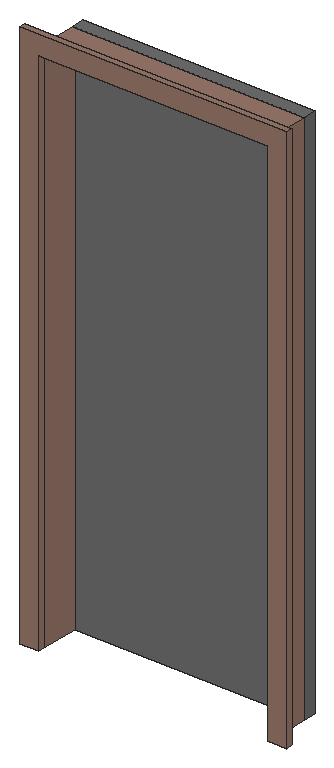
Revit family "0022_M_DR_W_elevator door-side", category 특수 시설물, Revit 2026
Family settings
  호스트 = 벽
  원형 커넥터 치수 = 지름 사용
  부품 유형 = 정의되지 않음
  뷰에서 절단 사용 = 아니오
  항상 수직 = 예
  로드될 때 보이드를 사용하여 절단 = 아니오
  주석 방향 유지 = 아니오
  공유 = 아니오
  룸 계산 점 = 아니오
Parameters (values of type "36" x 84"")
  조합 코드 = "D1010"
  기본 높이 = 0' - 0"
  Door Finish = Elevator Door
  Door Height = 7' - 0"
  Door Width = 3' - 0"
  Frame Finish = Door - Frame
  Trim Projection = 0' - 1"
  Trim Width = 0' - 3"
Types (6): name | 조합 코드 | Door Height | Door Width | Trim Projection | Trim Width
  (no name) | "D1010" | 7' - 0" | 3' - 0" | 0' - 1" | 0' - 3"
  48" x 84" | "D1010" | 7' - 0" | 4' - 0" | 0' - 1" | 0' - 3"
  36" x 84" | "D1010" | 7' - 0" | 3' - 0" | 0' - 1" | 0' - 3"
  32" x 84" | "D1010" | 7' - 0" | 2' - 8" | 0' - 1" | 0' - 3"
  42" x 84" | "D1010" | 7' - 0" | 3' - 6" | 0' - 1" | 0' - 3"
  900 x 2100mm | 0' - 0" | 6' - 10 87/128" | 2' - 11 55/128" | 0' - 0 63/64" | 0' - 2 61/64"
Reference planes (in)
  plane 1: y = 0
  plane 2: x = -3.90298
  plane 3: y = 3
  plane 4: z = 85
  plane 5: x = 14.34702
  plane 6: x = -22.15298
  plane 7: x = -21.90298
  plane 8: x = 14.09702
  plane 9: z = 84
Forms (in)
  Extrusion 1, solid, material "Elevator Door" <- "Door Finish"
    sketch origin (0, 3, 0) x (1, 0, 0) y (0, 0, 1)
      loop
        line (-22.15298, 85) -> (-22.15298, 0) -> (14.34702, 0) -> (14.34702, 85) -> (-22.15298, 85)
    from 0 to -2
  Extrusion 2, solid, material "Door - Frame" <- "Frame Finish"
    sketch origin (-60, -3, 0) x (1, 0, 0) y (0, 0, 1)
      loop
        line (38.09702, 0) -> (38.09702, 84) -> (74.09702, 84) -> (74.09702, 0) -> (77.09702, 0) -> (77.09702, 87) -> (35.09702, 87) -> (35.09702, 0) -> (38.09702, 0)
    from 0 to 1
  Extrusion 3, solid, material "Door - Frame" <- "Frame Finish"
    sketch origin (-60, -3, 0) x (1, 0, 0) y (0, 0, 1)
      loop
        line (38.09702, 0) -> (38.09702, 84) -> (74.09702, 84) -> (74.09702, 0) -> (74.34702, 0) -> (74.34702, 85) -> (37.84702, 85) -> (37.84702, 0) -> (38.09702, 0)
    from 0 to -6
Lines and regions (in)
  Opening 1
    outline origin (-60, -3, 0) x (1, 0, 0) y (0, 0, 1)
      loop
        line (37.84702, 85) -> (37.84702, 0) -> (74.34702, 0) -> (74.34702, 85) -> (37.84702, 85)
Text (in)
  text "Elevator Car" at (0, 15.94897, 48.75768), in view "Right"
  text "Elevator Cab" at (0, 47.49176, 52.40297), in view "Left"
Dimensions and locks (in)
  equal spacing: plane 7, plane 2, plane 8
  locked: plane 6 to plane 7 at 0.25
  locked: plane 8 to plane 5 at 0.25
  "Door Width": plane 7 to plane 8
  "Door Height": plane 9 to level
  locked: plane 4 to plane 9 at 1
  "Trim Projection": Extrusion 2 to host wall
  "Trim Width": Extrusion 2 sketch curve to plane 7
  "Trim Width": plane 8 to Extrusion 2 sketch curve
  "Trim Width": Extrusion 2 sketch curve to plane 9
  locked: Extrusion 1 to plane 3 at 2
  aligned and locked: plane 3 to host wall
  aligned and locked: Extrusion 3 to plane 3
  aligned and locked: Extrusion 1 sketch curve to plane 5
  aligned: host wall to plane 1  (x3)
Automatic sketch dimensions
  Extrusion 1 sketch curve to level = 0' - 0"
  Extrusion 1 sketch curve to plane 6 = 0' - 0"
  Extrusion 1 sketch curve to plane 4 = 0' - 0"
  Extrusion 2 sketch curve to level = 0' - 0"  (x2)
  Extrusion 2 sketch curve to plane 7 = 0' - 0"
  Extrusion 2 sketch curve to plane 8 = 0' - 0"
  Extrusion 2 sketch curve to plane 9 = 0' - 0"
  Extrusion 3 sketch curve to level = 0' - 0"  (x2)
  Extrusion 3 sketch curve to plane 6 = 0' - 0"
  Extrusion 3 sketch curve to plane 7 = 0' - 0"
  Extrusion 3 sketch curve to plane 8 = 0' - 0"
  Extrusion 3 sketch curve to plane 4 = 0' - 0"
  Extrusion 3 sketch curve to plane 5 = 0' - 0"
  Extrusion 3 sketch curve to plane 9 = 0' - 0"
  Opening 1 sketch curve to level = 0' - 0"
  Opening 1 sketch curve to plane 6 = 0' - 0"
  Opening 1 sketch curve to plane 5 = 0' - 0"
  Opening 1 sketch curve to plane 4 = 0' - 0"
